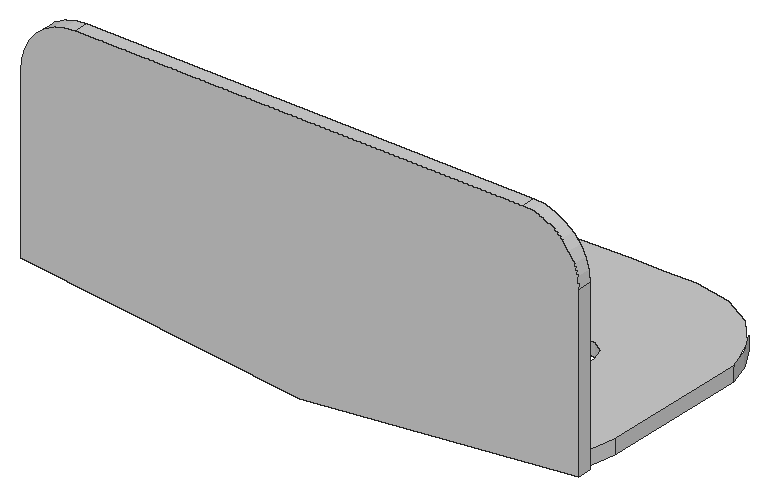
Revit family
Parameters
  Subcategory = "Home Decor"
  Soap Dish = S Steel
  SmartBIM Object Version = 3  # constant formula
  SmartBIM Object Created By = "Reed Construction Data"  # constant formula
  Manufacturer = ""
  Assembly Code = "C1030200"
  95 CSI = "10800"
  04 CSI = "10 28 00"
Reference planes (in)
  plane 1: y = 0
  plane 2 "Center (Left/Right)": x = 0
  plane 3 "Back": y = 3
  plane 4: z = 36
Text (in)
  text "Placement Side" at (0, 40.15149, 123.01588), in view "Right"
  text "Placement Side" at (-58.6842, 42.74981, 0), in view "Ref. Level"
  text "Placement Side" at (0, 47.49176, 140.59947), in view "Left"
Dimensions and locks (in)
  locked: plane 3 "Back" to host wall
  aligned and locked: nested 1 to plane 4
Nested families (in)
  nested 1: "Dish" at (0, 3, 35.99752) x (-1, 0, 0) z (0, 0, 1), type "Non-Parametric"
Definition of nested family "Dish"
  Parameters (values of type "Parametric")
    Soap Dish Finish = S Steel
    Default Elevation = 4' - 0"
    Assembly Code = ""
    95 CSI = "10810"
    04 CSI = "10 28 13"
  Reference planes (in)
    plane 1 "Center (Front/Back)": y = 0
    plane 2: z = 0
    plane 3 "Center (Left/Right)": x = 0
    plane 4: y = -2.8125
  Forms (in)
    Extrusion 1, solid, material "S Steel" <- "Soap Dish Finish"
      sketch origin (0, 0, 0) x (1, 0, 0) y (0, 0, 1)
        loop
          arc (0, 0.25) -> (2.5, 0) -> (5, 0.25) r 12.625
          line (5, 0.25) -> (5, 1.75)
          arc (5, 1.75) -> (4.85355, 2.10355) -> (4.5, 2.25) r 0.5
          line (4.5, 2.25) -> (0.5, 2.25)
          arc (0.5, 2.25) -> (0.14645, 2.10355) -> (0, 1.75) r 0.5
          line (0, 1.75) -> (0, 0.25)
      from 0 to 0.125
    Extrusion 2, solid, material "S Steel" <- "Soap Dish Finish"
      sketch origin (0, -0.125, 0) x (1, 0, 0) y (0, 0, 1)
        loop
          circle (0.5, 1.75) r 0.125
        loop
          circle (4.5, 1.75) r 0.125
      from 0 to 0.125
    Extrusion 3, solid, material "S Steel" <- "Soap Dish Finish"
      sketch origin (0, -0.125, 0) x (1, 0, 0) y (0, 0, 1)
        loop
          arc (0, 0.25) -> (2.5, 0) -> (5, 0.25) r 12.625
          line (5, 0.25) -> (5, 0.37755)
          arc (5, 0.37755) -> (2.5, 0.125) -> (0, 0.37755) r 12.5
          line (0, 0.37755) -> (0, 0.25)
      from 0 to 2.6875
    Extrusion 4, void
      sketch origin (0, 0, 0) x (0, 1, 0) y (1, 0, 0)
        loop
          circle (-1.41543, 2.5) r 0.25
        loop
          circle (-1.41543, 1.25) r 0.25
        loop
          circle (-1.41543, 3.75) r 0.25
      from 0.41057 to -3
    Extrusion 5, void
      sketch origin (0, 0, 0) x (0, 1, 0) y (1, 0, 0)
        loop
          line (-3.75, 6.14696) -> (-3.75, -1.14696) -> (-0.125, -1.14696) -> (-0.125, 0.06621)
          arc (-0.125, 0.06621) -> (-0.7717, -0.0523) -> (-1.42915, -0.05795) r 3.81325
          arc (-1.42915, -0.05795) -> (-2.29081, 0.31682) -> (-2.73755, 1.14346) r 1.43919
          arc (-2.73755, 1.14346) -> (-2.83884, 2.66259) -> (-2.64741, 4.173) r 7.91484
          arc (-2.64741, 4.173) -> (-2.16324, 4.78751) -> (-1.42915, 5.05795) r 1.43919
          arc (-1.42915, 5.05795) -> (-0.7717, 5.0523) -> (-0.125, 4.93379) r 3.81325
          line (-0.125, 4.93379) -> (-0.125, 6.14696) -> (-3.75, 6.14696)
      from 0 to -3
  Cuts and joins
    Extrusion 4, Extrusion 5 cuts Extrusion 3
    Extrusion 5 cuts Extrusion 1
  Dimensions and locks (in)
    plane 1 "Center (Front/Back)" to cut or joined group of Extrusion 3, Extrusion 4, Extrusion 5 = 0' - 0 1/8"
    aligned and locked: plane 3 "Center (Left/Right)" to Extrusion 1 sketch curve
    aligned and locked: Extrusion 1 sketch curve to Extrusion 1 sketch curve  (x2)
    aligned and locked: plane 4 to Extrusion 3
